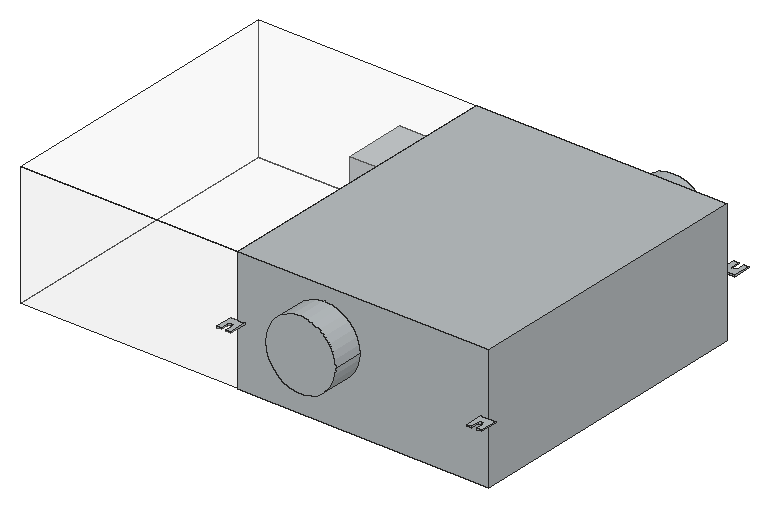
Revit family "tka-2400r2_60Hz", category 機械設備, Revit 2019
Family settings
  丸型コネクタ寸法 = 直径を使用
  パーツ タイプ = 標準
  OmniClass 番号 = 23.75.10.34.21
  OmniClass タイトル = Heat Exchangers for Ventilation Air
  作業面ベース = いいえ
  常に垂直 = はい
  ロード時にボイドで切り取り = いいえ
  共有 = いいえ
  部屋計算ポイント = はい
Parameters (values of type "TKA-2400R2")
  騒音レベル(dB(A)) = 33.5
  風量 = MAX風量  # 720.0 m³/h
  面風速 = 6.4 m/s
  電源種別 [instance] = "一般"
  電圧 = 100 V
  電動機出力 = 0 W
  集中コントローラ = ""
  運転質量 = 0.00 kg
  連動 [instance] = ""
  質量 = if(製品質量 > 運転質量, 製品質量, 運転質量) * 1.2  # 39.60 kg
  負荷分類 = 3_ファン類
  説明 = "業務用単独加湿ユニット"
  設計風量 = 0.0 m³/h
  設置方法 = "天井吊(隠ぺい)形"
  記号 [instance] = ""
  製造元 = "MITSUBISHI ELECTRIC"
  製品質量 = 33.00 kg
  製品出荷対象 = "国内"
  製品リリース年月 = "2016/2/1"
  製品グループ = ""
  給水管_D = 395 mm
  給水管_H = 206 mm
  給水管_Depth = 20 mm
  系統 [instance] = ""
  符号 = "HUM"
  積算_科目 = "1 空気調和設備"
  積算_拾い区分 [instance] = ""
  相 = 1
  盤記号 [instance] = ""
  発停方法 [instance] = "別売リモコン"
  特殊仕様 [instance] = ""
  点検口高さ = -Height  # -340 mm
  点検口離隔 = 150 mm
  点検口_Width = 点検口_Depth  # 450 mm
  点検口_Depth = 450 mm
  点検口_Center = 412 mm
  点検口 = yes
  火災停止 [instance] = ""
  温度交換効率 = 0.00%
  消費電力_加湿器 = 0 W
  消費電力 = 201 W
  法定耐用年数 = "15"
  機外静圧_排気 = 95.0 Pa
  機外静圧 = 95.0 Pa
  極数 = 2
  材質 [instance] = ""
  本体マテリアル = 溶融亜鉛めっき鋼板
  有効加湿量 = 2.4
  操作・制御方式 = ""
  操作・制御スイッチ = ""
  排気量 = 0.0 m³/h
  形式_加湿器 = ""
  形式 = "滴下浸透気化式"
  幹線記号 [instance] = ""
  対象室 [instance] = ""
  実風量 = 0.0 m³/h
  始動方式 [instance] = "直入"
  天吊金具_径 = 6.5 mm
  天吊金具_幅 = 20 mm
  外気量 = 設計風量  # 0.0 m³/h
  呼称 = "加湿器"
  周波数 = 60 Hz
  吊りボルトピッチ2 = 880 mm
  吊りボルトピッチ1 = 692 mm
  吊りボルト_高さ = 170 mm
  参照している仕様書等のバージョン = ""
  加湿給水管径 = 21.7 mm
  初期抵抗 = 0.0 Pa
  分類コード = "50059009000999"
  分類グループ = ""
  冷媒液管径 = 6.35 mm
  冷媒ガス管径 = 12.7 mm
  価格 = 244000
  企業コード = "108420"
  付属品_フィルター_還気 = ""
  付属品_フィルター = ""
  付属品 [instance] = ""
  仕様書バージョン = "Version1.0"
  モデル = "TKA-2400R2"
  メンテナンススペース = yes
  ドレン管径 = 32 mm
  ドレン管_D = 387 mm
  ドレン管_H = 20 mm
  ドレン管_Depth = 20 mm
  コメント [instance] = ""
  Keynote = ""
  エンタルピ交換効率_暖房 = 0.00%
  エンタルピ交換効率_冷房 = 0.00%
  Assembly Code = ""
  Width = 692 mm
  Version = ""
  Uniclass2015Version = "Systems v1.9"
  Uniclass2015Title = "Thermal wheels"
  Uniclass2015Code = "Pr_60_60_36_88"
  URL = "https://www.mitsubishielectric.co.jp/ldg/wink/ssl/displayProduct.do?pid=263792"
  SpecificationReference = ""
  SpecificationDescription = ""
  SAサイズ_W = 0 mm
  SAサイズ_D = 192 mm
  Revision = ""
  RAサイズ_W = 0 mm
  RAサイズ_D = 192 mm
  ProductInformation = ""
  OmniClassCode = "23-27 23 19 11"
  OAサイズ_W = 0 mm
  OAサイズ_D = 0 mm
  MIN風量 = 360.0 m³/h
  MIN静圧 = 24.0 Pa
  MID風量 = 420.0 m³/h
  MID静圧 = 99.0 Pa
  MAX風量 = 720.0 m³/h
  MAX静圧 = 95.0 Pa
  IfcTypeProduct = ""
  IfcProduct = ""
  IfcExportType = "ROTARYWHEEL"
  IfcExportAs = "IfcAirToAirHeatRecoveryType"
  Height = 340 mm
  EAサイズ_W = 0 mm
  EAサイズ_D = 0 mm
  Duct_Width_SA = 105 mm
  Duct_Width_RA = 130 mm
  Duct_Height = 134 mm
  Duct_Depth = 84 mm
  Depth = 824 mm
  Clearance Top = Height  # 340 mm
  Clearance Left = 600 mm
  Box_Depth = 172 mm
  Box_Height = 262 mm
  Box_H = 39 mm
  Box_Width = 115 mm
  Box_D = 531 mm
  Author = "MITSUBISHI ELECTRIC"
Reference planes
  plane 1 "中心(正面/背面)": y = 0
  plane 2: z = 0
  plane 3 "中心(左/右)": x = 0
  plane 4: x = -346
  plane 5: x = 346
  plane 6: y = 412
  plane 7: y = -412
  plane 8: z = -340
  plane 9: z = -134
  plane 10: x = -105
  plane 11: y = -496
  plane 12: y = 496
  plane 13: x = 130
  plane 14: y = 119
  plane 15: z = -39
  plane 16: y = 291
  plane 17: z = -301
  plane 18: x = -461
  plane 19: y = -25
  plane 20: y = -17
  plane 21: z = -320
  plane 22: z = -134
  plane 23: x = -366
  plane 24: x = -366
  plane 25: x = -946
  plane 26: z = -340
  plane 27: x = -496
  plane 28: y = 225
  plane 29: x = -346
  plane 30: x = 346
  plane 31: y = -440
  plane 32: y = 440
  plane 33: y = 0
  plane 34: y = -225
  plane 35: y = 460
  plane 36: z = -170
  plane 37: z = -173
  plane 38: y = -460
  plane 39: x = -366
  plane 40: x = -326
  plane 41: x = 366
  plane 42: x = 326
Forms (mm)
  Extrusion 1, solid, material "溶融亜鉛めっき鋼板" <- "本体マテリアル", detail levels fine
    sketch origin (0, 0, 0) x (1, 0, 0) y (0, 1, 0)
      loop
        line (-346, 412) -> (-346, -412) -> (346, -412) -> (346, 412) -> (-346, 412)
    from 0 to -340
  Extrusion 2, solid, material "溶融亜鉛めっき鋼板" <- "本体マテリアル", detail levels fine
    sketch origin (0, 0, 0) x (1, 0, 0) y (0, 0, 1)
      loop
        circle (-105, -134) r 96
    from 412 to 496
  Extrusion 3, solid, material "溶融亜鉛めっき鋼板" <- "本体マテリアル", detail levels fine
    sketch origin (0, 0, 0) x (0, 1, 0) y (0, 0, 1)
      loop
        line (119, -39) -> (119, -301) -> (291, -301) -> (291, -39) -> (119, -39)
    from -461 to -346
  Extrusion 4, solid, material "溶融亜鉛めっき鋼板" <- "本体マテリアル", detail levels fine
    sketch origin (0, 0, 0) x (0, 1, 0) y (0, 0, 1)
      loop
        circle (-25, -320) r 16
    from -366 to -346
  Extrusion 5, solid, material "溶融亜鉛めっき鋼板" <- "本体マテリアル", detail levels fine
    sketch origin (0, 0, 0) x (0, 1, 0) y (0, 0, 1)
      loop
        circle (-17, -134) r 10.85
    from -366 to -346
  Extrusion 6, solid, material "溶融亜鉛めっき鋼板" <- "本体マテリアル"
    sketch origin (0, 0, 0) x (1, 0, 0) y (0, 0, 1)
      loop
        circle (130, -134) r 96
    from -496 to -412
  Extrusion 7, solid, material "溶融亜鉛めっき鋼板" <- "本体マテリアル"
    sketch origin (0, 0, 0) x (1, 0, 0) y (0, 1, 0)
      loop
        line (-366, 412) -> (-326, 412) -> (-326, 460) -> (-339.5, 460) -> (-339.5, 440)
        arc (-339.5, 440) -> (-346, 433.5) -> (-352.5, 440) r 6.5
        line (-352.5, 440) -> (-352.5, 460) -> (-366, 460) -> (-366, 412)
    from -173 to -170
  Extrusion 8, solid, material "溶融亜鉛めっき鋼板" <- "本体マテリアル"
    sketch origin (0, 0, 0) x (-1, 0, 0) y (0, -1, 0)
      loop
        line (-366, -412) -> (-366, -460) -> (-352.5, -460) -> (-352.5, -440)
        arc (-352.5, -440) -> (-346, -433.5) -> (-339.5, -440) r 6.5
        line (-339.5, -440) -> (-339.5, -460) -> (-326, -460) -> (-326, -412) -> (-366, -412)
    from -173 to -170
  Extrusion 9, solid, material "溶融亜鉛めっき鋼板" <- "本体マテリアル"
    sketch origin (0, 0, 0) x (-1, 0, 0) y (0, -1, 0)
      loop
        line (-366, 412) -> (-326, 412) -> (-326, 460) -> (-339.5, 460) -> (-339.5, 440)
        arc (-339.5, 440) -> (-346, 433.5) -> (-352.5, 440) r 6.5
        line (-352.5, 440) -> (-352.5, 460) -> (-366, 460) -> (-366, 412)
    from -173 to -170
  Extrusion 10, solid, material "溶融亜鉛めっき鋼板" <- "本体マテリアル"
    sketch origin (0, 0, 0) x (1, 0, 0) y (0, 1, 0)
      loop
        line (-366, -412) -> (-366, -460) -> (-352.5, -460) -> (-352.5, -440)
        arc (-352.5, -440) -> (-346, -433.5) -> (-339.5, -440) r 6.5
        line (-339.5, -440) -> (-339.5, -460) -> (-326, -460) -> (-326, -412) -> (-366, -412)
    from -173 to -170
Lines and regions (mm)
  Masking region 1, detail levels coarse+medium
    outline origin (0, 0, 0) x (1, 0, 0) y (0, 1, 0)
      loop
        line (-346, 412) -> (-346, -412) -> (346, -412) -> (346, 412) -> (-346, 412)
  symbolic lines, detail levels coarse+medium
    curve 1: line (-1.977, 409.477, 0) -> (-346, 0, 0)
    curve 2: line (-346, 0, 0) -> (1.977, -409.477, 0)
    curve 3: line (1.977, -409.477, 0) -> (346, 0, 0)
    curve 4: line (346, 0, 0) -> (-1.977, 409.477, 0)
Dimensions and locks
  equal spacing: plane 4, plane 3 "中心(左/右)", plane 5
  "Width": plane 4 to plane 5
  equal spacing: plane 6, plane 1 "中心(正面/背面)", plane 7
  "Depth": plane 6 to plane 7
  "Height": level to plane 8
  "Duct_Depth": plane 7 to plane 11
  "Duct_Depth": plane 6 to plane 12
  "Box_D": plane 14 to plane 7
  "Box_Depth": plane 16 to plane 14
  "Box_Height": plane 15 to plane 17
  "Box_Width": plane 18 to plane 4
  "ドレン管_D": plane 19 to plane 7
  "給水管_D": plane 20 to plane 7
  "ドレン管_H": plane 8 to plane 21
  "給水管_H": plane 8 to plane 22
  "給水管_Depth": plane 23 to plane 4
  "ドレン管_Depth": plane 24 to plane 4
  "Clearance Left": plane 25 to plane 4
  "Clearance Top": level to plane 26
  "点検口離隔": plane 27 to plane 4
  equal spacing: plane 29, plane 3 "中心(左/右)", plane 30
  "吊りボルトピッチ1": plane 29 to plane 30
  equal spacing: plane 32, plane 1 "中心(正面/背面)", plane 31
  "吊りボルトピッチ2": plane 32 to plane 31
  "点検口_Center": plane 6 to plane 33
  equal spacing: plane 34, plane 33, plane 28
  "点検口_Depth": plane 28 to plane 34
  "吊りボルト_高さ": level to plane 36
  locked: plane 36 to plane 37 at 3
  "Duct_Width_SA": plane 3 "中心(左/右)" to plane 10
  "Duct_Width_RA": plane 3 "中心(左/右)" to plane 13
  "Duct_Height": plane 9 to level
  "天吊金具_幅": plane 35 to plane 32
  "天吊金具_幅": plane 31 to plane 38
  equal spacing: plane 39, plane 29, plane 40
  plane 39 to plane 40 = 40 mm
  equal spacing: plane 42, plane 30, plane 41
  plane 42 to plane 41 = 40 mm
  "天吊金具_径": Extrusion 7 sketch curve to plane 29
  "天吊金具_径": plane 30 to Extrusion 8 sketch curve
  "天吊金具_径": plane 30 to Extrusion 9 sketch curve
  "天吊金具_径": Extrusion 10 sketch curve to plane 29
  "Box_H": level to plane 15
  "SAサイズ_D": diameter of Extrusion 2 sketch curve
  "ドレン管径": diameter of Extrusion 4 sketch curve
  "加湿給水管径": diameter of Extrusion 5 sketch curve
  "RAサイズ_D": diameter of Extrusion 6 sketch curve
  "天吊金具_径": radius of Extrusion 7 sketch curve
  "天吊金具_径": radius of Extrusion 8 sketch curve
  "天吊金具_径": radius of Extrusion 9 sketch curve
  "天吊金具_径": radius of Extrusion 10 sketch curve
  aligned and locked: level to plane 2
  aligned and locked: Masking region 1 to plane 7
  aligned and locked: Masking region 1 to plane 4
  aligned and locked: plane 6 to Masking region 1
  aligned and locked: plane 5 to Masking region 1
  aligned and locked: Extrusion 1 to plane 8
  aligned and locked: plane 7 to Extrusion 2
  aligned and locked: Extrusion 3 to plane 18
  aligned and locked: Extrusion 3 to plane 17
  aligned and locked: plane 14 to Extrusion 3
  aligned and locked: Extrusion 3 to plane 16
  aligned and locked: plane 15 to Extrusion 3
  aligned and locked: plane 4 to Extrusion 5
  aligned and locked: Extrusion 5 to plane 23
  aligned and locked: Extrusion 4 to plane 24
  aligned and locked: plane 4 to Extrusion 4
  aligned and locked: plane 30 to nested 1
  aligned and locked: plane 32 to nested 1
  aligned and locked: nested 1 to plane 31
  aligned and locked: plane 29 to nested 1
  aligned and locked: plane 27 to nested 2
  aligned and locked: nested 2 to plane 28
  aligned and locked: plane 34 to nested 2
  aligned and locked: Extrusion 3 to Masking region 1
  aligned and locked: Extrusion 2 to plane 11
  aligned and locked: plane 4 to nested 3
  aligned and locked: plane 25 to nested 3
  aligned and locked: nested 3 to plane 7
  aligned and locked: nested 3 to plane 6
  aligned and locked: Extrusion 6 to plane 12
  aligned and locked: Extrusion 6 to Masking region 1
  aligned and locked: plane 8 to nested 3
  aligned and locked: plane 2 to nested 3
  aligned and locked: Extrusion 7 sketch curve to plane 6
  aligned and locked: Extrusion 7 sketch curve to plane 39
  aligned and locked: plane 40 to Extrusion 7 sketch curve
  aligned and locked: plane 35 to Extrusion 7 sketch curve  (x2)
  aligned and locked: Extrusion 7 to plane 37
  aligned and locked: plane 36 to Extrusion 7
  aligned and locked: plane 41 to Extrusion 8 sketch curve
  aligned and locked: plane 6 to Extrusion 8 sketch curve
  aligned and locked: Extrusion 8 sketch curve to plane 42
  aligned and locked: Extrusion 8 sketch curve to plane 35  (x2)
  aligned and locked: Extrusion 9 sketch curve to plane 41
  aligned and locked: plane 42 to Extrusion 9 sketch curve
  aligned and locked: plane 7 to Extrusion 9 sketch curve
  aligned and locked: plane 38 to Extrusion 9 sketch curve  (x2)
  aligned and locked: Extrusion 10 sketch curve to plane 7
  aligned and locked: Extrusion 10 sketch curve to plane 40
  aligned and locked: plane 23 to Extrusion 10 sketch curve
  aligned and locked: Extrusion 10 sketch curve to plane 38  (x2)
  aligned and locked: Extrusion 10 to plane 37
  aligned and locked: plane 36 to Extrusion 10
  aligned and locked: Extrusion 9 to plane 37
  aligned and locked: plane 36 to Extrusion 9
  aligned and locked: plane 36 to Extrusion 8
  aligned and locked: Extrusion 8 to plane 37
Automatic sketch dimensions
  plane 1 "中心(正面/背面)" to curve 1 = 0 mm
  curve 1 to plane 4 = 0 mm
  plane 1 "中心(正面/背面)" to curve 4 = 0 mm
  curve 4 to plane 5 = 0 mm
  curve 4 to plane 3 "中心(左/右)" = 1.977 mm
  plane 3 "中心(左/右)" to curve 3 = 1.977 mm
  plane 7 to curve 3 = 2.523 mm
  curve 4 to plane 6 = 2.523 mm
  Masking region 1 sketch curve to plane 4 = 0 mm
  Masking region 1 sketch curve to plane 5 = 0 mm
  Masking region 1 sketch curve to plane 7 = 0 mm
  Masking region 1 sketch curve to plane 6 = 0 mm
  Extrusion 1 sketch curve to plane 4 = 0 mm
  Extrusion 1 sketch curve to plane 5 = 0 mm
  Extrusion 1 sketch curve to plane 7 = 0 mm
  Extrusion 1 sketch curve to plane 6 = 0 mm
  Extrusion 2 sketch curve to plane 9 = 0 mm
  Extrusion 2 sketch curve to plane 10 = 0 mm
  Extrusion 3 sketch curve to plane 14 = 0 mm
  Extrusion 3 sketch curve to plane 16 = 0 mm
  Extrusion 3 sketch curve to plane 17 = 0 mm
  Extrusion 3 sketch curve to plane 15 = 0 mm
  Extrusion 4 sketch curve to plane 19 = 0 mm
  plane 21 to Extrusion 4 sketch curve = 0 mm
  Extrusion 5 sketch curve to plane 9 = 0 mm
  Extrusion 5 sketch curve to plane 20 = 0 mm
  Extrusion 6 sketch curve to plane 9 = 0 mm
  plane 13 to Extrusion 6 sketch curve = 0 mm
  Extrusion 7 sketch curve to plane 32 = 0 mm
  Extrusion 8 sketch curve to plane 32 = 0 mm
  Extrusion 9 sketch curve to plane 31 = 0 mm
  Extrusion 10 sketch curve to plane 31 = 0 mm
Nested families
  nested 1: "固定点" at (-346, -440, 0), type "固定点"
    with W 692 mm, D 880 mm
  nested 2: "点検口設置範囲" at (-721, 0, -340), Width <- "点検口_Width", built-in parameter 1001364 <- "点検口高さ", visible <- "点検口", type "点検口設置範囲"
    with Width 450 mm, Depth 450 mm
  nested 3: "メンテナンススペース" at (-646, 0, -170), visible <- "メンテナンススペース", type "メンテナンススペース"
    with Width 600 mm, Height 340 mm, Depth 824 mm
Connectors
  electrical at (-403.5, 119, -170), driven by "極数", driven by "負荷分類", driven by "電圧", driven by "消費電力"
    settings: on Extrusion 3, index 1, voltage 100 V, apparent load 201 VA, apparent load phase1 0 VA, apparent load phase2 0 VA, apparent load phase3 0 VA, power factor 1, load classification "3_ファン類", number of poles 2, system type 30, power factor state 1, is connector primary yes, connector utility no, sub classification motor no, connector description ""
  piping at (-366, -17, -134), diameter 21.7, driven by "加湿給水管径"
    settings: on Extrusion 5, index 3, connector inside diameter 609.6 mm, connector length 0 mm, flow factor 0, pipe flow 0.0 L/s, pressure drop 0.0 Pa, fitting loss kfactor 0, connector angle 0.00°, fixture units 0, engagement length 0 mm, angle of deflection 0.00°, flow configuration 0, flow direction 1, fitting loss method 0, system type 19, joint type 0, gender type 0, connector reference index -1, connector utility 0, adjustable connector no, is connector primary yes, connector description ""
  piping at (-366, -25, -320), diameter 32, driven by "ドレン管径"
    settings: on Extrusion 4, index 5, connector inside diameter 609.6 mm, connector length 0 mm, flow factor 0, pipe flow 0.0 L/s, pressure drop 0.0 Pa, fitting loss kfactor 0, connector angle 0.00°, fixture units 0, engagement length 0 mm, angle of deflection 0.00°, flow configuration 0, flow direction 2, fitting loss method 0, system type 16, joint type 0, gender type 0, connector reference index -1, connector utility 0, adjustable connector no, is connector primary no, connector description ""
  hvac at (-105, -496, -134), driven by "SAサイズ_D", driven by "MAX静圧", driven by "風量"
    settings: on Extrusion 2, index 6, duct flow 720.0 m³/h, flow factor 0, pres drop 95.0 Pa, loss coef 0, conn angle 0.00°, conn width 304.8 mm, conn height 304.8 mm, conn diameter 192 mm, duct sys type 1, conn prof type 0, flow config 1, flow direction 2, loss method 4, conn ref index -1, conn util no, is conn primary yes, conn desc ""
  hvac at (130, 496, -134), driven by "RAサイズ_D", driven by "機外静圧", driven by "風量"
    settings: on Extrusion 6, index 7, duct flow 720.0 m³/h, flow factor 0, pres drop 95.0 Pa, loss coef 0, conn angle 0.00°, conn width 304.8 mm, conn height 304.8 mm, conn diameter 192 mm, duct sys type 2, conn prof type 0, flow config 0, flow direction 1, loss method 4, conn ref index -1, conn util no, is conn primary no, conn desc ""
Definition of nested family "メンテナンススペース"
  Parameters (values of type "メンテナンススペース")
    Width [instance] = 500 mm
    Height [instance] = 500 mm
    Depth [instance] = 500 mm
  Reference planes
    plane 1 "中心(正面/背面)": y = 0
    plane 2: z = 0
    plane 3 "中心(左/右)": x = 0
    plane 4: y = -250
    plane 5: x = 250
    plane 6: y = 250
    plane 7: x = -250
    plane 8: z = 250
    plane 9: z = -250
  Forms (mm)
    Extrusion 1, solid
      sketch origin (-638.939, 0, 72.39) x (1, 0, 0) y (0, 1, 0)
        loop
          line (388.939, 250) -> (388.939, -250) -> (888.939, -250) -> (888.939, 250) -> (388.939, 250)
      from -322.39 to 177.61
  Lines and regions (mm)
    symbolic lines
      curve 1: line (-250, 0, 250) -> (250, 0, 250)
      curve 2: line (-250, 0, -250) -> (-250, 0, 250)
      curve 3: line (250, 0, -250) -> (-250, 0, -250)
      curve 4: line (250, 0, 250) -> (250, 0, -250)
      curve 5: line (0, -250, 250) -> (0, 250, 250)
      curve 6: line (0, -250, -250) -> (0, -250, 250)
      curve 7: line (0, 250, -250) -> (0, -250, -250)
      curve 8: line (0, 250, 250) -> (0, 250, -250)
      curve 9: line (-250, 250, 0) -> (250, 250, 0)
      curve 10: line (-250, -250, 0) -> (-250, 250, 0)
      curve 11: line (250, -250, 0) -> (-250, -250, 0)
      curve 12: line (250, 250, 0) -> (250, -250, 0)
  Dimensions and locks
    equal spacing: plane 7, plane 3 "中心(左/右)", plane 5
    equal spacing: plane 4, plane 1 "中心(正面/背面)", plane 6
    "Depth": plane 4 to plane 6
    "Width": plane 7 to plane 5
    equal spacing: plane 8, plane 2, plane 9
    "Height": plane 8 to plane 9
    aligned and locked: plane 9 to curve 3
    aligned and locked: plane 7 to curve 2
    aligned and locked: curve 4 to plane 5
    aligned and locked: plane 5 to Extrusion 1
    aligned and locked: Extrusion 1 to plane 7
    aligned and locked: Extrusion 1 to plane 9
    aligned and locked: plane 8 to Extrusion 1
    aligned and locked: plane 9 to curve 7
  Automatic sketch dimensions
    plane 4 to Extrusion 1 sketch curve = 0 mm
    Extrusion 1 sketch curve to plane 7 = 0 mm
    Extrusion 1 sketch curve to plane 5 = 0 mm
    plane 6 to Extrusion 1 sketch curve = 0 mm
    curve 2 to plane 8 = 0 mm
    plane 4 to curve 11 = 0 mm
    curve 11 to plane 7 = 0 mm
    curve 11 to plane 5 = 0 mm
    plane 6 to curve 10 = 0 mm
    curve 7 to plane 4 = 0 mm
    curve 7 to plane 6 = 0 mm
    curve 6 to plane 8 = 0 mm
Definition of nested family "固定点"
  Parameters (values of type "固定点")
    中心円 = 20 mm
    W [instance] = 1000 mm
    D [instance] = 1000 mm
  Reference planes
    plane 1 "中心(正面/背面)": y = 0
    plane 2: z = 0
    plane 3 "中心(左/右)": x = 0
    plane 4: x = 1000
    plane 5: y = 1000
  Lines and regions (mm)
    symbolic lines, detail levels fine
      curve 1: circle (0, 1000, 0) r 10 normal (0, 0, 1)
      curve 2: circle (0, 0, 0) r 10 normal (0, 0, 1)
      curve 3: circle (1000, 1000, 0) r 10 normal (0, 0, 1)
      curve 4: circle (1000, 0, 0) r 10 normal (0, 0, 1)
      curve 5: line (-200, 1000, 0) -> (1200, 1000, 0)
      curve 6: line (-200, 0, 0) -> (1200, 0, 0)
      curve 7: line (0, 1200, 0) -> (0, -200, 0)
      curve 8: line (1000, 1200, 0) -> (1000, -200, 0)
  Dimensions and locks
    "W": plane 3 "中心(左/右)" to plane 4
    "D": plane 1 "中心(正面/背面)" to plane 5
    "中心円": diameter of curve 1
    "中心円": diameter of curve 2
    "中心円": diameter of curve 3
    "中心円": diameter of curve 4
    aligned and locked: level to plane 2
    aligned and locked: plane 5 to curve 1
    aligned and locked: plane 3 "中心(左/右)" to curve 1
    aligned and locked: plane 3 "中心(左/右)" to curve 2
    aligned and locked: plane 1 "中心(正面/背面)" to curve 2
    aligned and locked: plane 4 to curve 3
    aligned and locked: plane 5 to curve 3
    aligned and locked: plane 1 "中心(正面/背面)" to curve 4
    aligned and locked: plane 4 to curve 4
    aligned and locked: plane 1 "中心(正面/背面)" to curve 6
    aligned and locked: curve 7 to plane 3 "中心(左/右)"
    aligned and locked: curve 8 to plane 4
  Automatic sketch dimensions
    curve 5 to plane 5 = 0 mm
    curve 6 to plane 3 "中心(左/右)" = 200 mm
    curve 5 to plane 3 "中心(左/右)" = 200 mm
    curve 4 to curve 6 = 200 mm
    curve 3 to curve 5 = 200 mm
    plane 1 "中心(正面/背面)" to curve 8 = 200 mm
    plane 1 "中心(正面/背面)" to curve 7 = 200 mm
    curve 3 to curve 8 = 200 mm
    curve 1 to curve 7 = 200 mm
Definition of nested family "点検口設置範囲"
  Parameters (values of type "点検口設置範囲")
    Width [instance] = 1000 mm
    Depth [instance] = 700 mm
  Reference planes
    plane 1 "中心(正面/背面)": y = 0
    plane 2: z = 0
    plane 3 "中心(左/右)": x = 0
    plane 4: x = -500
    plane 5: x = 500
    plane 6: y = -350
    plane 7: y = 350
  Lines and regions (mm)
    model lines
      curve 1: line (-500, 350, 0) -> (500, 350, 0)
      curve 2: line (-500, -350, 0) -> (-500, 350, 0)
      curve 3: line (500, -350, 0) -> (-500, -350, 0)
      curve 4: line (500, 350, 0) -> (500, -350, 0)
  Dimensions and locks
    "Depth": plane 7 to plane 6
    "Width": plane 4 to plane 5
    equal spacing: plane 7, plane 1 "中心(正面/背面)", plane 6
    equal spacing: plane 4, plane 3 "中心(左/右)", plane 5
    aligned and locked: level to plane 2
    aligned and locked: plane 4 to curve 2
    aligned and locked: curve 1 to plane 7
    aligned and locked: curve 4 to plane 5
    aligned and locked: plane 6 to curve 3
